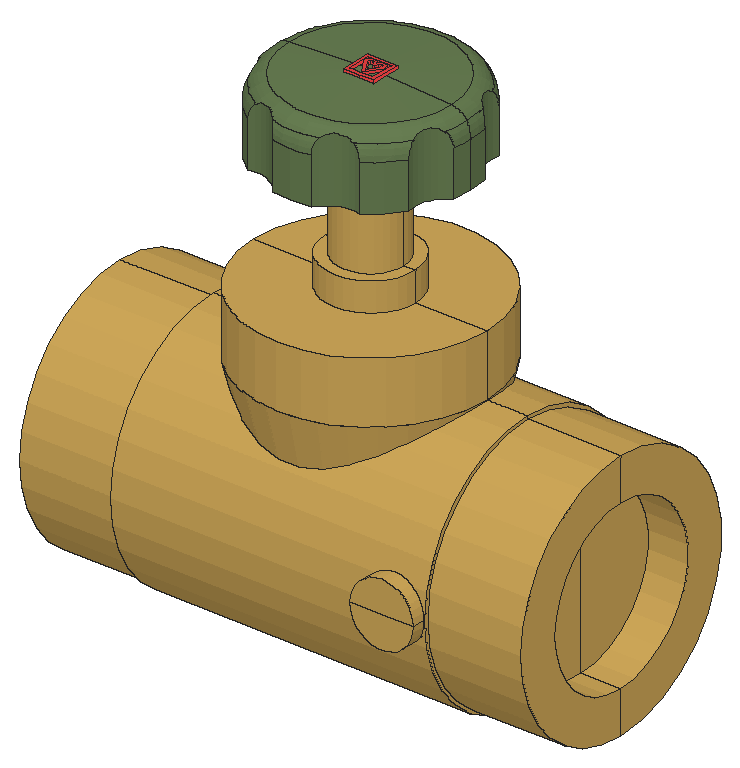
Revit family "Запорный клапан Strömax 4215 W, муфта х муфта", category Rohrzubehör, Revit 2021
Family settings
  Bemaßung runder Anschluss = Durchmesser verwenden
  Teiletyp = Unterbricht
  OmniClass-Nummer = 23.65.55.14
  OmniClass-Titel = Valves for Liquid Services
  Arbeitsebenenbasiert = Nein
  Immer vertikal = Ja
  Beim Laden mit Abzugskörper schneiden = Nein
  Gemeinsam genutzt = Nein
Parameters
  Примечание = "В соответствии со статьей 33 Регламента REACH (Registration; Evaluation; Authorisation; Restriction of Chemicals) (EC № 1907/2006) мы обязаны указать, что свинец внесен в список SVHC (Substances of Very High Concern - вещества очень высокой важности) и весовой процент свинца во всех латунных компонентах заводского изготовления в наших изделиях, превышает 0,1 % (w/w) (CAS: 7439-92-1 / EINECS: 231-100-4).\r\nПоскольку свинец является легирующим компонентом сплава, прямое негативное влияние исключается, и поэтому дополнительной информации о безопасном использовании не требуется."
  Область применения = "Для перекрытия трубопроводов в системе питьевого водоснабжения в зданиях."
  Номер заказа [instance] = size_lookup("4215W_", "Artnr", 0, Nennweite)  # 2421546
  Маховик = "пластик, цвет маховика - зеленый"  # constant formula
  Макс. рабочее давление = 1000000.0 Pa  # constant formula
  Макс. рабочая температура = 90 °C  # constant formula
  Корпус = "латунь, устойчивая к селективной цинковой коррозии, в соответствии с EN1982"  # constant formula
  Vorgabe-Ansicht = 0 mm
  URL = "www.herz-armaturen.ru"
  T01 [instance] = size_lookup("4215W_", "T1", 17.5 mm, Nennweite)  # 42 mm
  SC_NennweiteBerechnet = 0
  SC_Dimension = ""
  SCTWSEQ = "FW;SBT_TYP_FW=\"106\";2"
  SCTWCODE = "04;01;02"  # constant formula
  S03 = 60 mm  # constant formula
  S02 [instance] = H01 + H02 + H03  # 93 mm
  S01 [instance] = R01 * 2  # 75 mm
  R08 [instance] = size_lookup("4215W_", "R8", 9.5 mm, Nennweite)  # 9.5 mm
  R07 = 3 mm  # constant formula
  R06 [instance] = size_lookup("4215W_", "R6", 7.8 mm, Nennweite)  # 10 mm
  R05 [instance] = size_lookup("4215W_", "R5", 10.1 mm, Nennweite)  # 13.5 mm
  R04 [instance] = size_lookup("4215W_", "R4", 13.5 mm, Nennweite)  # 35 mm
  R03 [instance] = size_lookup("4215W_", "R3", 15 mm, Nennweite)  # 38.5 mm
  R02 [instance] = Nennweite / 2  # 25 mm
  R01 [instance] = size_lookup("4215W_", "R1", 16 mm, Nennweite)  # 37.5 mm
  Nennweite [instance] = 50 mm
  Мин. расход при Dp 10 кПа [instance] = if(Nennweite = 15 mm, 0.2, if(Nennweite = 20 mm, 0.4, if(Nennweite = 25 mm, 0.7, if(Nennweite = 32 mm, 1.2, if(Nennweite = 40 mm, 1.6, if(Nennweite = 50 mm, 2.7, 0))))))  # 2.7
  Среда = "Питьевая вода"  # constant formula
  Макс. перепад давления на закрытом седле = 1000000.0 Pa  # constant formula
  L03 [instance] = size_lookup("4215W_", "L3", 15.5 mm, Nennweite)  # 38 mm
  L02 = 12 mm  # constant formula
  L01 [instance] = size_lookup("4215W_", "L1", 16 mm, Nennweite)  # 28 mm
  L00 [instance] = size_lookup("4215W_", "L", 65 mm, Nennweite)  # 150 mm
  Hersteller = "HERZ Armaturen Ges.m.b.H."  # constant formula
  H04 = 21 mm  # constant formula
  H03 [instance] = size_lookup("4215W_", "H3", 14.6 mm, Nennweite)  # 27.3 mm
  H02 [instance] = size_lookup("4215W_", "H2", 5.4 mm, Nennweite)  # 8.7 mm
  H01 [instance] = size_lookup("4215W_", "H1", 26 mm, Nennweite)  # 57 mm
  H00 [instance] = H01 + H02 + H03  # 93 mm
  O-Ring = "EPDM"  # constant formula
Reference planes
  plane 1 "Mitte (Vorne/hinten)": y = 0
  plane 2: z = 0
  plane 3 "Mitte (Links/rechts)": x = 0
Forms (mm)
  Revolve 1, solid, material "Messing, weicher Gelbton, geschweißt", detail levels fine
    sketch origin (470, 0, 0) x (1, 0, 0) y (0, 0, 1)
      loop
        line (-545, 25) -> (-533, 25) -> (-533, 0) -> (-407, 0) -> (-407, 25) -> (-395, 25) -> (-395, 37.5) -> (-423, 37.5) -> (-423, 38.5) -> (-517, 38.5) -> (-517, 37.5) -> (-545, 37.5) -> (-545, 25)
      axis (-545, 0) -> (-395, 0)
    angle from 0 to 360
  Revolve 2, solid, material "Messing, weicher Gelbton, geschweißt", detail levels fine
    sketch origin (0, 0, 0) x (1, 0, 0) y (0, 0, 1)
      loop
        line (0, 0) -> (0, 93) -> (-10, 93) -> (-10, 65.7) -> (-13.5, 65.7) -> (-13.5, 57) -> (-35, 57) -> (-35, 38.5) -> (-25, 0) -> (0, 0)
      axis (0, 93) -> (0, 0)
    angle from 0 to 360
  Revolve 3, solid, material "Messing, weicher Gelbton, geschweißt", detail levels fine
    sketch origin (0, 0, 0) x (1, 0, 0) y (0, 1, 0)
      loop
        line (37, -42) -> (46.5, -42) -> (46.5, -25) -> (40, -25) -> (40, 25) -> (46.5, 25) -> (46.5, 42) -> (37, 42) -> (37, -42)
      axis (37, 42) -> (37, -42)
    angle from 0 to 360
Lines and regions (mm)
  model lines, detail levels coarse+medium
    curve 1: line (-75, 0, -37.5) -> (-75, 0, 37.5)
    curve 2: line (-75, 0, 37.5) -> (75, 0, -37.5)
    curve 3: line (75, 0, -37.5) -> (75, 0, 37.5)
    curve 4: line (75, 0, 37.5) -> (-75, 0, -37.5)
    curve 5: line (0, 0, 0) -> (0, 0, 93)
    curve 6: line (-30, 0, 93) -> (30, 0, 93)
    curve 7: line (-75, 37.5, 0) -> (-75, -37.5, 0)
    curve 8: line (-75, -37.5, 0) -> (75, 37.5, 0)
    curve 9: line (75, 37.5, 0) -> (75, -37.5, 0)
    curve 10: line (75, -37.5, 0) -> (-75, 37.5, 0)
    curve 11: line (0, 0, 0) -> (0, 93, 0)
    curve 12: line (-30, 93, 0) -> (30, 93, 0)
Dimensions and locks
  "L00": Revolve 1 sketch curve to Revolve 1 sketch curve
  equal spacing: Revolve 1 sketch curve, plane 3 "Mitte (Links/rechts)", Revolve 1 sketch curve
  "R01": Revolve 1 sketch curve to Revolve 1 sketch curve  (x2)
  "R02": Revolve 1 sketch curve to Revolve 1 sketch curve  (x2)
  "L01": Revolve 1 sketch curve to Revolve 1 sketch curve  (x2)
  "L02": Revolve 1 sketch curve to Revolve 1 sketch curve  (x2)
  "R03": Revolve 1 sketch curve to Revolve 1 sketch curve
  "R03": Revolve 2 sketch curve to Revolve 2 sketch curve
  "R02": Revolve 2 sketch curve to Revolve 2 sketch curve
  "R04": Revolve 2 sketch curve to Revolve 2 sketch curve
  "R05": Revolve 2 sketch curve to Revolve 2 sketch curve
  "R06": Revolve 2 sketch curve to Revolve 2 sketch curve
  "H01": Revolve 2 sketch curve to plane 2
  "T01": Revolve 3 sketch curve to plane 1 "Mitte (Vorne/hinten)" to Revolve 3 sketch curve
  "L03": Revolve 3 sketch curve to Revolve 1
  "R02": Revolve 3 sketch curve to plane 1 "Mitte (Vorne/hinten)"
  "R02": plane 1 "Mitte (Vorne/hinten)" to Revolve 3 sketch curve
  "R07": Revolve 3 sketch curve to Revolve 3 sketch curve
  "R08": Revolve 3 sketch curve to Revolve 3 sketch curve
  "H02": Revolve 2 sketch curve to Revolve 2 sketch curve
  "H03": Revolve 2 sketch curve to Revolve 2 sketch curve
  "H00": nested 1 to plane 2
  "H04": nested 2 to Revolve 2
  equal spacing: curve 3, plane 3 "Mitte (Links/rechts)", curve 1
  "L00": curve 3 to curve 1
  equal spacing: curve 2, plane 2, curve 4
  "S01": curve 2 to curve 4
  equal spacing: curve 4, plane 2, curve 3
  "S01": curve 4 to curve 3
  "S02": curve 5 to plane 2
  equal spacing: curve 6, curve 5, curve 6
  "S03": curve 6 to curve 6
  equal spacing: curve 7, plane 3 "Mitte (Links/rechts)", curve 9
  "L00": curve 7 to curve 9
  equal spacing: curve 10, plane 1 "Mitte (Vorne/hinten)", curve 9
  equal spacing: curve 8, plane 1 "Mitte (Vorne/hinten)", curve 10
  "S01": curve 9 to curve 10
  "S01": curve 10 to curve 8
  equal spacing: curve 12, plane 3 "Mitte (Links/rechts)", curve 12
  "S02": plane 1 "Mitte (Vorne/hinten)" to curve 11
  "S03": curve 12 to curve 12
  aligned and locked: level to plane 2
Automatic sketch dimensions
  curve 5 to level = 0 mm
  plane 1 "Mitte (Vorne/hinten)" to curve 11 = 0 mm
  Revolve 1 sketch curve to level = 0 mm  (x2)
  Revolve 1 sketch curve to Revolve 1 sketch curve = 791.99 mm
  Revolve 1 sketch curve to Revolve 1 sketch curve = 2278.983 mm
  Revolve 2 sketch curve to level = 0 mm
  Revolve 2 sketch curve to plane 3 "Mitte (Links/rechts)" = 0 mm  (x2)
  Revolve 2 sketch curve to level = 366.045 mm
  Revolve 2 sketch curve to Revolve 2 sketch curve = 2165.278 mm
  Revolve 3 sketch curve to Revolve 3 sketch curve = 9.5 mm
  Revolve 3 sketch curve to Revolve 3 sketch curve = 0 mm
  Revolve 3 sketch curve to Revolve 3 sketch curve = 4.553 mm
  Revolve 3 sketch curve to Revolve 3 sketch curve = 3.768 mm
Nested families
  nested 1: "Strömax-Handrad (Grün)" at (0, 0, 93), type "Strömax-Handrad (Grün)", detail levels fine
    with Nennweite 0 mm, Gewicht 0.00 kg, Bestellnummer 0
  nested 2: "Herz-Logo" at (0, 0, 114), type "Herz-Logo", detail levels fine
Connectors
  piping at (-63, 0, 0), diameter 50, driven by "Nennweite"
    settings: on Revolve 1, index 1, connector inside diameter 609.6 mm, connector length 0 mm, flow factor 0, pipe flow 0.0 L/s, pressure drop 0.0 Pa, fitting loss kfactor 0, connector angle 0.00°, fixture units 0, engagement length 0 mm, angle of deflection 0.00°, flow configuration 0, flow direction 1, fitting loss method 0, system type 29, joint type 0, gender type 0, connector reference index -1, connector utility 0, adjustable connector no, is connector primary yes, connector description ""
  piping at (63, 0, 0), diameter 50, driven by "Nennweite"
    settings: on Revolve 1, index 2, connector inside diameter 609.6 mm, connector length 0 mm, flow factor 0, pipe flow 0.0 L/s, pressure drop 0.0 Pa, fitting loss kfactor 0, connector angle 0.00°, fixture units 0, engagement length 0 mm, angle of deflection 0.00°, flow configuration 0, flow direction 2, fitting loss method 0, system type 29, joint type 0, gender type 0, connector reference index -1, connector utility 0, adjustable connector no, is connector primary no, connector description ""
Definition of nested family "Strömax-Handrad (Grün)"
  Parameters (values of type "Strömax-Handrad (Grün)")
    Default Elevation = 0 mm
    URL = "www.herz-armaturen.at"
    Nennweite [instance] = 0 mm
    Manufacturer = "Herz Armaturen GmbH"  # constant formula
    Gewicht [instance] = 0.00 kg
    Bestellnummer [instance] = 0
  Reference planes
    plane 1 "Mitte (Vorne/hinten)": y = 0
    plane 2: z = 0
    plane 3 "Mitte (Links/rechts)": x = 0
  Forms (mm)
    Revolve 1, solid
      sketch origin (0, 0, 0) x (1, 0, 0) y (0, 0, 1)
        loop
          line (0, 0) -> (0, 22)
          arc (0, 22) -> (-12.15, 21.705) -> (-24.271, 20.819) r 250
          arc (-24.271, 20.819) -> (-26.831, 19.959) -> (-28.754, 18.063) r 6
          arc (-28.754, 18.063) -> (-29.682, 16.008) -> (-30, 13.776) r 8
          line (-30, 13.776) -> (-30, 0) -> (0, 0)
        axis (0, 22) -> (0, 0)
      angle from 0 to 360
    Extrusion 2, void
      sketch origin (0, 0, 0) x (1, 0, 0) y (0, 1, 0)
        loop
          circle (14.351, -34.645) r 10
      from 0 to 22
    Extrusion 3, void
      sketch origin (0, 0, 0) x (-1, 0, 0) y (0, -1, 0)
        loop
          circle (14.351, 34.645) r 10
      from 0 to 22
    Extrusion 4, void
      sketch origin (0, 0, 0) x (0, -1, 0) y (1, 0, 0)
        loop
          circle (14.351, 34.645) r 10
      from 0 to 22
    Extrusion 5, void
      sketch origin (0, 0, 0) x (0, 1, 0) y (-1, 0, 0)
        loop
          circle (14.351, -34.645) r 10
      from 0 to 22
    Extrusion 6, void
      sketch origin (0, 0, 0) x (0, -1, 0) y (1, 0, 0)
        loop
          circle (14.351, -34.645) r 10
      from 0 to 22
    Extrusion 7, void
      sketch origin (0, 0, 0) x (0, 1, 0) y (-1, 0, 0)
        loop
          circle (14.351, 34.645) r 10
      from 0 to 22
    Extrusion 8, void
      sketch origin (0, 0, 0) x (1, 0, 0) y (0, 1, 0)
        loop
          circle (14.351, 34.645) r 10
      from 0 to 22
    Extrusion 9, void
      sketch origin (0, 0, 0) x (-1, 0, 0) y (0, -1, 0)
        loop
          circle (14.351, -34.645) r 10
      from 0 to 22
  Cuts and joins
    Extrusion 2, Extrusion 3, Extrusion 4, Extrusion 5, Extrusion 6, Extrusion 7, Extrusion 8, Extrusion 9 cuts Revolve 1
  Dimensions and locks
    aligned and locked: level to plane 2
Definition of nested family "Herz-Logo"
  Parameters (values of type "Herz-Logo")
    Default Elevation = 0 mm
  Reference planes
    plane 1 "Mitte (Vorne/hinten)": y = 0
    plane 2: z = 0
    plane 3 "Mitte (Links/rechts)": x = 0
  Forms (mm)
    Extrusion 1, solid
      sketch origin (0, 0, 0) x (1, 0, 0) y (0, 1, 0)
        loop
          line (-0.018, -4.517) -> (4.482, -4.517) -> (4.482, 4.483) -> (-4.518, 4.483) -> (-4.518, -4.517) -> (-0.018, -4.517)
        loop
          line (-0.05, -3.48) -> (3.482, -3.48) -> (3.482, 3.483) -> (-3.518, 3.483) -> (-3.518, -3.48) -> (-0.05, -3.48)
        loop
          arc (-0.018, 2.383) -> (-1.543, 3.287) -> (-3.067, 2.383) r 1.738
          arc (-3.067, 2.383) -> (-3.191, 1.899) -> (-3.067, 1.415) r 1.009
          line (-3.067, 1.415) -> (-0.018, -3.281) -> (3.032, 1.415)
          arc (3.032, 1.415) -> (3.156, 1.899) -> (3.032, 2.383) r 1.009
          arc (3.032, 2.383) -> (1.507, 3.287) -> (-0.018, 2.383) r 1.738
        loop
          arc (1.885, 1.272) -> (2.005, 1.675) -> (1.885, 2.079) r 0.74
          arc (1.885, 2.079) -> (1.265, 2.416) -> (0.644, 2.079) r 0.74
          line (0.644, 2.079) -> (-0.018, 0.97) -> (-0.679, 2.079)
          arc (-0.679, 2.079) -> (-1.3, 2.416) -> (-1.921, 2.079) r 0.74
          arc (-1.921, 2.079) -> (-2.04, 1.675) -> (-1.921, 1.272) r 0.74
          line (-1.921, 1.272) -> (-0.018, -1.658) -> (1.885, 1.272)
      from 0 to 1.5
  Dimensions and locks
    aligned and locked: level to plane 2
